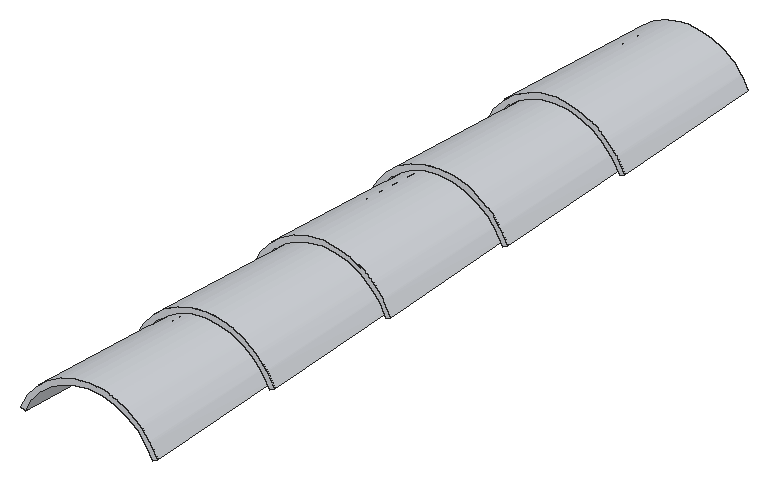
Revit family
Parameters
  nokvorstminimum [instance] = lengte > 500 mm  # yes
  lengte [instance] = 1360 mm
  hoek [instance] = 0.00°
  dakpanmateriaal = none
  AantalPannen [instance] = if(nokvorstminimum, lengte / 250 mm, 2)  # 5
Reference planes
  plane 1 "Center (Front/Back)": y = 0
  plane 2: z = 0
  plane 3 "Center (Left/Right)": x = 0
Dimensions and locks
  equal spacing: group 1, group 3, group 4, group 5, group 2  (x3)
  "lengte": nested 2 to nested 1
Nested families
  nested 1: "dakpan" at (0, 0, 0), hoek <- "hoek", type "dakpan"
    with hoek 0.00°
  nested 2: "dakpan" at (0, 1060, 0), hoek <- "hoek", type "dakpan"
    with hoek 0.00°
  nested 3: "dakpan" at (0, 265, 0), hoek <- "hoek", type "dakpan"
    with hoek 0.00°
  nested 4: "dakpan" at (0, 530, 0), hoek <- "hoek", type "dakpan"
    with hoek 0.00°
  nested 5: "dakpan" at (0, 795, 0), hoek <- "hoek", type "dakpan"
    with hoek 0.00°
Definition of nested family "dakpan"
  Parameters
    hoek [instance] = 35.00°
    dakpan materiaal = none
  Reference planes
    plane 1 "Center (Front/Back)": y = 0
    plane 2: z = 0
    plane 3 "Center (Left/Right)": x = 0
    plane 4: z = 0
    plane 5 "Hostplane": through (0, 0, 0) normal (0, 0.8192, 0.5736)
  Forms (mm)
    Blend 1, solid, material <- "dakpan materiaal"
      base sketch origin (3.285, 0, -14.394) x (0, 0.573576, -0.819152) y (-1, 0, 0)
        loop
          line (35.606, -121.715) -> (39.609, -112.551)
          arc (39.609, -112.551) -> (-36.204, 3.285) -> (39.609, 119.12) r 126.4
          line (39.609, 119.12) -> (35.606, 128.285)
          arc (35.606, 128.285) -> (-46.204, 3.285) -> (35.606, -121.715) r 136.4
      top sketch origin (3.285, 0, -14.394) x (0, 0.573576, -0.819152) y (-1, 0, 0)
        loop
          line (35.606, -106.715) -> (39.977, -97.721)
          arc (39.977, -97.721) -> (-23.239, 3.285) -> (39.977, 104.29) r 112.3
          line (39.977, 104.29) -> (35.606, 113.285)
          arc (35.606, 113.285) -> (-33.239, 3.285) -> (35.606, -106.715) r 122.3
      from 0 to 300
  Dimensions and locks
    "hoek": angle plane 5 "Hostplane" to plane 1 "Center (Front/Back)"
  Automatic sketch dimensions
    Blend 1 sketch curve to Blend 1 sketch curve = 0 mm  (x4)
    Blend 1 sketch curve to plane 3 "Center (Left/Right)" = 0 mm  (x2)
    plane 3 "Center (Left/Right)" to Blend 1 sketch curve = 125 mm
    Blend 1 sketch curve to plane 3 "Center (Left/Right)" = 125 mm
    Blend 1 sketch curve to Blend 1 sketch curve = 4.002 mm  (x2)
    Blend 1 sketch curve to Blend 1 sketch curve = 50.587 mm
    Blend 1 sketch curve to Blend 1 sketch curve = 9.164 mm
    plane 3 "Center (Left/Right)" to Blend 1 sketch curve = 110 mm
    Blend 1 sketch curve to plane 3 "Center (Left/Right)" = 110 mm
    Blend 1 sketch curve to plane 3 "Center (Left/Right)" = 101.006 mm
    Blend 1 sketch curve to Blend 1 sketch curve = 4.371 mm  (x2)
    Blend 1 sketch curve to Blend 1 sketch curve = 49.084 mm
